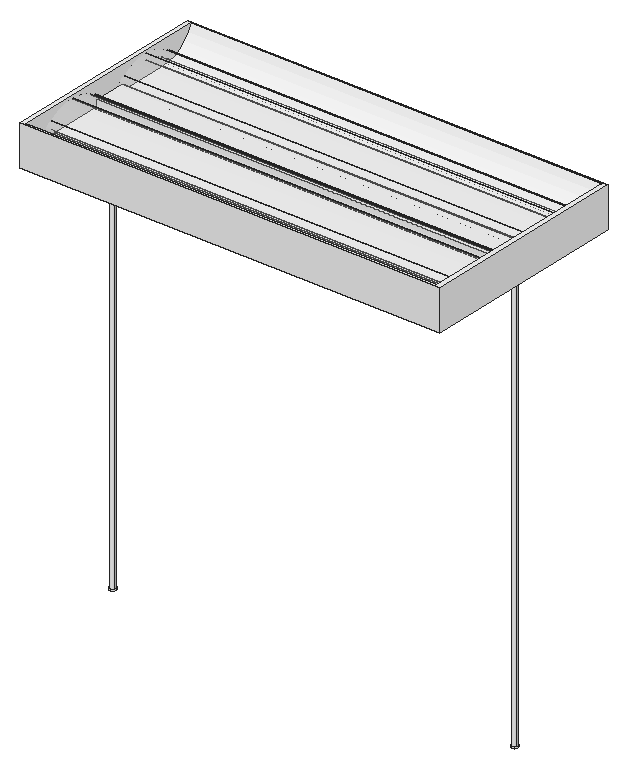
Revit family "TCAT24-CM", category Lighting Fixtures, host Face, Revit 2012
Parameters (values of type "TCAT24")
  zz Length = Row Length - 1.000"  # 47.000"
  Watts = 69 W
  Wattage = 58 W
  Warranty = "Five year warranty"  # constant formula
  built-in parameter 1150110 = 1 (stored number, unit not read)
  Voltage = 120 V
  built-in parameter 1114217 = 1 (stored number, unit not read)
  Tilt Angle = -90.00°
  built-in parameter 1150109 = 1 (stored number, unit not read)
  built-in parameter 1150134 = (empty or 0)
  Suspension Height = 48.000"
  Wattage Comments = "19-69 W"
  URL = "http://www.columbialighting.com/"
  built-in parameter 1150113 = 1 (stored number, unit not read)
  Product Page URL = ""
  Product Documentation Link = ""
  Photometric Web File = "TCAT24-30HLx-EDU.ies"
  Model = "TCAT24"
  Manufacturer Phone = "(864)-678-1000"  # constant formula
  Manufacturer Fax = "(866)-898-1065"  # constant formula
  Manufacturer = "Columbia Lighting"  # constant formula
  Row Length = 48.000"
  built-in parameter 1150105 = 685.59 (stored number, unit not read)
  Lumens = 8615.43 lm
  built-in parameter 1150115 = 1 (stored number, unit not read)
  Load Classification = Lighting
  built-in parameter 1150137 = (empty or 0)
  built-in parameter 1150139 = (empty or 0)
  built-in parameter 1150112 = 1 (stored number, unit not read)
  built-in parameter 1150114 = 1 (stored number, unit not read)
  Lamp = "LED Lamp"  # constant formula
  Light Bulb = Hubbell - White Glass
  built-in parameter 1150132 = (empty or 0)
  built-in parameter 1150102 = (empty or 0)
  built-in parameter 1150107 = 3000 (stored number, unit not read)
  built-in parameter 1150138 = (empty or 0)
  built-in parameter 1150106 = 6.8559 (stored number, unit not read)
  Emit from Rectangle Width = 4.000"
  Emit from Rectangle Length = 47.000"
  Emit Shape Visible in Rendering = no
  built-in parameter 1150104 = 13.8 (stored number, unit not read)
  Dimming Lamp Color Temperature Shift = <None>
  Description = "LED Twin Contempory Architectural Troffer."  # constant formula
  Default Elevation = 48.000"
  Color Filter = 16777215
  Certifications = "UL1598,2108 & CSA"  # constant formula
  built-in parameter 1114218 = 1 (stored number, unit not read)
  Backbox = Hubbell - White
  built-in parameter 1150133 = 10 (stored number, unit not read)
  Apparent Load = 0 VA
Types (3): name | zz Length | Watts | Wattage Comments | Photometric Web File | Model | Row Length | Emit from Rectangle Length
  (no name) | 47.000" | 69 W | "19-69 W" | "TCAT24-30HLx-EDU.ies" | "TCAT24" | 48.000" | 47.000"
  TCAT24 | 47.000" | 69 W | "19-69 W" | "TCAT24-30HLx-EDU.ies" | "TCAT24" | 48.000" | 47.000"
  TCAT22 | 23.000" | 37 W | "12-37 W" | "TCAT22-30HLx-EDU.ies" | "TCAT22" | 24.000" | 23.000"
Reference planes (in)
  plane 1 "Center (Front/Back)": y = 0.03999
  plane 2: z = 0
  plane 3 "Center (Left/Right)": x = 1.66944
  plane 4: x = -22.33056
  plane 5: x = 25.66944
  plane 6: z = 48
  plane 7: x = -21.33056
  plane 8: x = 24.66944
Forms (in)
  Revolve 1, solid, material "Hubbell - White" <- "Backbox"
    sketch origin (0, 0.03999, 0) x (1, 0, 0) y (0, 0, 1)
      loop
        line (-21.33056, 48) -> (-21.33056, 0) -> (-20.97056, 0) -> (-20.97056, 0.1) -> (-21.09056, 0.1) -> (-21.09056, 47.9) -> (-20.97056, 47.9) -> (-20.97056, 48) -> (-21.33056, 48)
      axis (-21.33056, 48) -> (-21.33056, 0)
    angle from 0 to 360
  Revolve 2, solid, material "Hubbell - White" <- "Backbox"
    sketch origin (0, 0.03999, 0) x (1, 0, 0) y (0, 0, 1)
      loop
        line (24.66944, 48) -> (24.66944, 0) -> (25.02944, 0) -> (25.02944, 0.1) -> (24.90944, 0.1) -> (24.90944, 47.9) -> (25.02944, 47.9) -> (25.02944, 48) -> (24.66944, 48)
      axis (24.66944, 48) -> (24.66944, 0)
    angle from 0 to 360
Dimensions and locks (in)
  equal spacing: plane 5, plane 3 "Center (Left/Right)", plane 4
  "Suspension Height": plane 6 to level
  equal spacing: plane 8, plane 3 "Center (Left/Right)", plane 7
  locked: plane 7 to plane 4 at 1
  "Row Length": plane 5 to plane 4
  locked: Revolve 1 sketch curve to level at 0.1
  locked: plane 6 to Revolve 2 sketch curve at 0.1
  locked: plane 8 to Revolve 2 sketch curve at 0.24
  locked: Revolve 2 sketch curve to Revolve 2 sketch curve at 0.36
  locked: plane 8 to Revolve 2 sketch curve at 0.36
  locked: Revolve 2 sketch curve to plane 2 at 0.1
  locked: Revolve 1 sketch curve to plane 7 at 0.24
  Revolve 1 sketch curve to plane 2 = 0.100"
  locked: plane 7 to Revolve 1 sketch curve at 0.36
  locked: Revolve 1 sketch curve to plane 7 at 0.36
  aligned and locked: plane 2 to host face
  aligned and locked: level to host face
  aligned and locked: Revolve 1 sketch curve to plane 7
  aligned and locked: Revolve 1 sketch curve to plane 6
  aligned and locked: host face to Revolve 1 sketch curve
  aligned and locked: Revolve 1 sketch curve to Revolve 1 sketch curve
  aligned and locked: Revolve 2 sketch curve to Revolve 2 sketch curve
  aligned and locked: plane 8 to Revolve 2 sketch curve
  aligned and locked: plane 2 to Revolve 2 sketch curve
  aligned and locked: Revolve 2 sketch curve to plane 6
  aligned and locked: plane 3 "Center (Left/Right)" to nested 1
  aligned and locked: plane 1 "Center (Front/Back)" to nested 1
  aligned and locked: imposter light to nested 1
  aligned and locked: plane 3 "Center (Left/Right)" to imposter light
  aligned and locked: imposter light to plane 1 "Center (Front/Back)"
  aligned and locked: Revolve 2 to Revolve 1
Automatic sketch dimensions
  host sketch curve to host sketch curve = 96.000"  (x2)
  Revolve 1 sketch curve to plane 6 = 0.100"
  Revolve 1 sketch curve to level = 8.000"
  Revolve 1 sketch curve to Revolve 1 sketch curve = 2.500"
  plane 8 to Revolve 2 sketch curve = 0.000"
  Revolve 2 sketch curve to Revolve 2 sketch curve = 8.000"
  Revolve 2 sketch curve to Revolve 2 sketch curve = 2.500"
Nested families (in)
  nested 1: "LED Contemporary Architectural Troffer" at (1.66944, 0.03999, 48), Glass <- "Light Bulb", Finish <- "Backbox", Row Length <- "Row Length", type "LED Contemporary Architectural Troffer"
    with Width 24.000", Row Length 48.000", Height 4.625", Glass Hubbell - White Glass, Finish Hubbell - White
Connectors (in)
  electrical at (24.66944, 0.03999, 48), driven by "Voltage", driven by "Apparent Load", driven by "Load Classification"
    settings: on Revolve 2, index 1, voltage 120 V, apparent load 0 VA, apparent load phase1 0 VA, apparent load phase2 0 VA, apparent load phase3 0 VA, power factor 1, load classification "Lighting", number of poles 1, system type 30, power factor state 1, is connector primary yes, connector utility no, sub classification motor no, connector description "Lighting Connector"
Definition of nested family "LED Contemporary Architectural Troffer"
  Parameters (values of type "LED Contemporary Architectural Troffer")
    Width [instance] = 24.000"
    Row Length [instance] = 24.000"
    Height [instance] = 4.625"
    Glass [instance] = none
    Finish [instance] = none
    Default Elevation = 48.000"
  Reference planes (in)
    plane 1 "Center (Front/Back)": y = 0
    plane 2: z = 0
    plane 3 "Center (Left/Right)": x = 0
    plane 4: x = 12
    plane 5: x = -12
    plane 6: y = -12
    plane 7: y = 12
    plane 8: z = 4.625
    plane 9: x = -11.5
    plane 10: x = 11.5
    plane 11: y = -3
    plane 12: y = 3
    plane 13: z = 2
    plane 14: y = -11.75
    plane 15: y = 11.75
    plane 16: z = 0.25
  Forms (in)
    Extrusion 1, solid
      sketch origin (0, 0, 0) x (1, 0, 0) y (0, 1, 0)
        loop
          line (-48, 48) -> (-48, -48) -> (48, -48) -> (48, 48) -> (-48, 48)
      from 0 to -12
    Extrusion 2, solid, material <- "Glass"
      sketch origin (0, 0, 0) x (0, 1, 0) y (0, 0, 1)
        loop
          arc (2.2, 2) -> (1.95, 2.25) -> (2.2, 2.5) r 0.25
          arc (2.2, 2.5) -> (3.58307, 3.40315) -> (5.2054, 3.71395) r 4.27102
          arc (5.2054, 3.71395) -> (6.82773, 3.40315) -> (8.2108, 2.5) r 4.27102
          arc (8.2108, 2.5) -> (8.4608, 2.25) -> (8.2108, 2) r 0.25
          line (8.2108, 2) -> (8.2108, 1.89823)
          arc (8.2108, 1.89823) -> (8.97092, 2.65835) -> (8.2108, 3.41847) r 0.76012
          arc (8.2108, 3.41847) -> (6.79039, 4.16775) -> (5.2054, 4.42622) r 4.98198
          arc (5.2054, 4.42622) -> (3.62041, 4.16775) -> (2.2, 3.41847) r 4.98198
          arc (2.2, 3.41847) -> (1.43988, 2.65835) -> (2.2, 1.89823) r 0.76012
          line (2.2, 1.89823) -> (2.2, 2)
        loop
          line (-2.2, 2) -> (-2.2, 1.89823)
          arc (-2.2, 1.89823) -> (-1.43641, 2.66182) -> (-2.2, 3.42541) r 0.76359
          arc (-2.2, 3.42541) -> (-3.62064, 4.17367) -> (-5.2054, 4.43176) r 4.98752
          arc (-5.2054, 4.43176) -> (-6.79016, 4.17367) -> (-8.2108, 3.42541) r 4.98752
          arc (-8.2108, 3.42541) -> (-8.97439, 2.66182) -> (-8.2108, 1.89823) r 0.76359
          line (-8.2108, 1.89823) -> (-8.2108, 2)
          arc (-8.2108, 2) -> (-8.4608, 2.25) -> (-8.2108, 2.5) r 0.25
          arc (-8.2108, 2.5) -> (-6.97047, 3.84827) -> (-5.2054, 4.33895) r 3.33827
          arc (-5.2054, 4.33895) -> (-3.61837, 4.08238) -> (-2.2, 3.3256) r 4.89601
          arc (-2.2, 3.3256) -> (-1.5372, 2.6628) -> (-2.2, 2) r 0.6628
      from -11.5 to 11.5
    Extrusion 3, solid, material <- "Finish"
      sketch origin (0, 0, 0) x (0, 1, 0) y (0, 0, 1)
        loop
          line (-12, 4.625) -> (-12, 0) -> (12, 0) -> (12, 4.625) -> (-12, 4.625)
      from 11.5 to 12
    Extrusion 4, solid, material <- "Finish"
      sketch origin (0, 0, 0) x (0, 1, 0) y (0, 0, 1)
        loop
          line (12, 4.625) -> (-12, 4.625) -> (-12, 0) -> (12, 0) -> (12, 4.625)
      from -12 to -11.5
    Extrusion 5, solid, material <- "Finish"
      sketch origin (0, 0, 0) x (0, 1, 0) y (0, 0, 1)
        loop
          line (-12, 0) -> (12, 0) -> (12, 4.625) -> (11.75, 4.625) -> (11.75, 0.25) -> (-11.75, 0.25) -> (-11.75, 4.625) -> (-12, 4.625) -> (-12, 0)
      from -11.5 to 11.5
    Extrusion 6, solid, material <- "Finish"
      sketch origin (0, 0, 0) x (0, 1, 0) y (0, 0, 1)
        loop
          arc (-7.77803, 2) -> (-10.15853, 2.71554) -> (-11.75, 4.625) r 4.31756
          line (-11.75, 4.625) -> (-11.75, 0.25) -> (11.75, 0.25) -> (11.75, 4.625)
          arc (11.75, 4.625) -> (10.17153, 2.7161) -> (7.80032, 2) r 4.28393
          line (7.80032, 2) -> (-7.77803, 2)
      from -12 to 12
    Extrusion 7, solid, material <- "Finish"
      sketch origin (0, 0, 0) x (0, 1, 0) y (0, 0, 1)
        loop
          line (-1.75, 2) -> (1.75, 2) -> (1.75, 2.75) -> (-1.75, 2.75) -> (-1.75, 2)
      from -11.5 to 11.5
  Cuts and joins
    joined: Extrusion 3, Extrusion 4, Extrusion 5, Extrusion 6
  Dimensions and locks (in)
    equal spacing: plane 4, plane 3 "Center (Left/Right)", plane 5
    "Row Length": plane 4 to plane 5
    equal spacing: plane 6, plane 1 "Center (Front/Back)", plane 7
    "Width": plane 6 to plane 7
    "Height": plane 8 to plane 2
    equal spacing: plane 10, plane 3 "Center (Left/Right)", plane 9
    locked: plane 9 to plane 5 at 0.5
    equal spacing: plane 11, plane 1 "Center (Front/Back)", plane 12
    locked: plane 11 to plane 1 "Center (Front/Back)" at 3
    locked: plane 6 to plane 14 at 0.25
    equal spacing: plane 14, plane 1 "Center (Front/Back)", plane 15
    locked: plane 16 to level at 0.25
    level to Extrusion 5 = 4.625"
    aligned and locked: plane 2 to Extrusion 1
    aligned and locked: level to Extrusion 1
    aligned and locked: Extrusion 2 to plane 10
    aligned and locked: Extrusion 2 to plane 9
    aligned and locked: plane 8 to Extrusion 3 sketch curve
    aligned and locked: plane 6 to Extrusion 3 sketch curve
    aligned and locked: level to Extrusion 3 sketch curve
    aligned and locked: Extrusion 3 sketch curve to plane 7
    aligned and locked: plane 4 to Extrusion 3
    aligned and locked: plane 10 to Extrusion 3
    aligned and locked: Extrusion 4 sketch curve to Extrusion 3  (x4)
    aligned and locked: Extrusion 4 to plane 5
    aligned and locked: plane 9 to Extrusion 4
    aligned and locked: Extrusion 5 sketch curve to Extrusion 3  (x4)
    aligned and locked: plane 8 to Extrusion 5 sketch curve
    aligned and locked: Extrusion 5 sketch curve to plane 14
    aligned and locked: plane 16 to Extrusion 5 sketch curve
    aligned and locked: Extrusion 5 sketch curve to plane 15
    aligned and locked: Extrusion 5 to plane 10
    aligned and locked: Extrusion 5 to plane 9
    aligned and locked: plane 13 to Extrusion 6 sketch curve
    aligned and locked: Extrusion 6 sketch curve to plane 14
    aligned and locked: plane 16 to Extrusion 6 sketch curve
    aligned and locked: Extrusion 6 sketch curve to plane 15
    aligned and locked: plane 4 to Extrusion 6
    aligned and locked: Extrusion 6 to plane 5
    aligned and locked: plane 13 to Extrusion 7 sketch curve
    aligned and locked: Extrusion 7 to plane 10
    aligned and locked: Extrusion 7 to plane 9
  Automatic sketch dimensions
    Extrusion 1 sketch curve to Extrusion 1 sketch curve = 96.000"  (x2)
    plane 8 to Extrusion 6 sketch curve = 0.000"  (x2)
    Extrusion 6 sketch curve to Extrusion 6 sketch curve = 3.94968"
    Extrusion 6 sketch curve to Extrusion 6 sketch curve = 3.97197"
    plane 13 to Extrusion 2 sketch curve = 0.000"  (x4)
    plane 11 to Extrusion 2 sketch curve = 0.800"
    plane 12 to Extrusion 2 sketch curve = 0.800"
    Extrusion 2 sketch curve to level = 0.55701"  (x2)
    Extrusion 2 sketch curve to plane 11 = 2.18267"
    Extrusion 2 sketch curve to Extrusion 2 sketch curve = 0.0216"  (x4)
    plane 8 to Extrusion 2 sketch curve = 0.28605"
    Extrusion 2 sketch curve to plane 11 = 2.2054"
    Extrusion 2 sketch curve to Extrusion 2 sketch curve = 0.000"  (x5)
    Extrusion 2 sketch curve to Extrusion 2 sketch curve = 0.00226"  (x2)
    Extrusion 2 sketch curve to plane 13 = 0.250"
    Extrusion 2 sketch curve to Extrusion 2 sketch curve = 3.0054"
    Extrusion 2 sketch curve to plane 12 = 2.18267"
    plane 8 to Extrusion 2 sketch curve = 0.19878"
    Extrusion 2 sketch curve to plane 12 = 2.2054"
    Extrusion 2 sketch curve to plane 13 = 0.500"
    plane 15 to Extrusion 2 sketch curve = 3.5392"
    Extrusion 2 sketch curve to Extrusion 2 sketch curve = 0.00126"  (x2)
    plane 13 to Extrusion 2 sketch curve = 0.10177"  (x4)
    Extrusion 2 sketch curve to Extrusion 2 sketch curve = 0.00098"
    plane 11 to Extrusion 7 sketch curve = 1.250"
    plane 12 to Extrusion 7 sketch curve = 1.250"
    Extrusion 7 sketch curve to Extrusion 7 sketch curve = 0.750"
